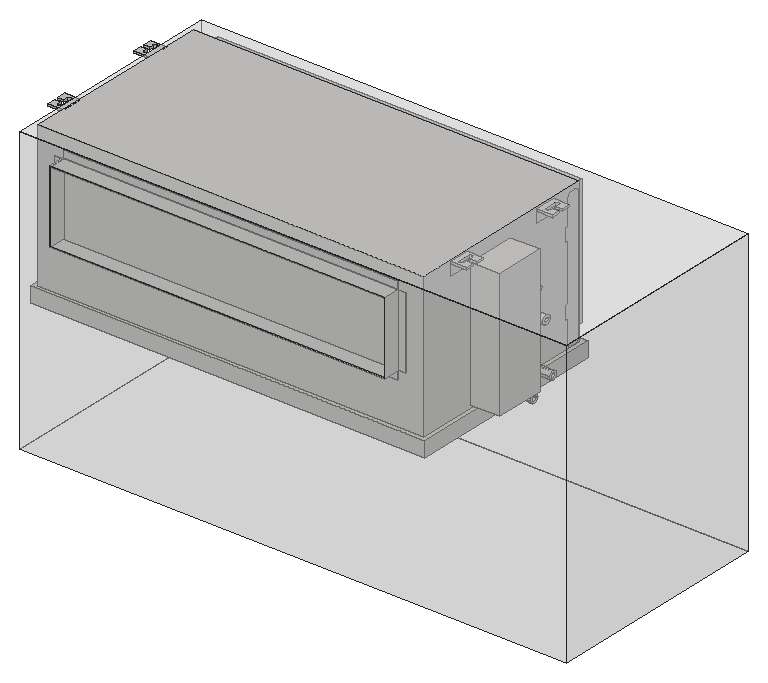
Revit family "outputfile", category 機械設備, Revit 2024
Family settings
  丸型コネクタ寸法 = 半径を使用
  パーツ タイプ = 標準
  OmniClass 番号 = 23.75.10.24.21.27.27
  OmniClass タイトル = Split System Air Conditioning Units
  作業面ベース = いいえ
  常に垂直 = はい
  ロード時にボイドで切り取り = いいえ
  注釈の向きを維持 = いいえ
  共有 = いいえ
  部屋計算ポイント = はい
Parameters (values of type "FDMRN71AXVL")
  Description = ""
  書き出し IFC クラス(タイプ) = "IfcUnitaryEquipmentType"
  定義済み IFC タイプ(タイプ) = "AIRCONDITIONINGUNIT"
  Cost = 0
  Type Comments = ""
  Keynote = ""
  Type Image = (empty or 0)
  Assembly Code = ""
  switch_unit1_50/60 = no
  switch_frequency = yes
  lw_mountinghole = 19.5 mm  # constant formula
  lw_Supply Duct = if(or(Width = 1115 mm, Width = 999 mm), 0 mm, 20.5 mm)  # 0 mm
  lh_controlbox = if(or(Width = 1115 mm, Width = 999 mm), 44.5 mm, 39 mm)  # 44.5 mm
  lh_Supply Duct = if(or(Width = 1115 mm, Width = 999 mm), 242.5 mm, 136.5 mm)  # 242.5 mm
  lh_Return Duct = if(or(Width = 1115 mm, Width = 999 mm), 202.5 mm, 136.5 mm)  # 202.5 mm
  ld_mountinghole = if(or(Width = 1115 mm, Width = 999 mm), 128.5 mm, 112.5 mm)  # 128.5 mm
  ld_controlbox = if(or(Width = 1115 mm, Width = 999 mm), 176 mm, 93 mm)  # 176 mm
  l_powersupply = h_controlbox / 2  # 152 mm
  l_liquidpipe = if(or(Width = 1115 mm, Width = 999 mm), 22 mm, 122 mm)  # 22 mm
  l_gaspipe = if(or(Width = 1115 mm, Width = 999 mm), 39 mm, 52 mm)  # 39 mm
  l_drainpipe = if(or(Width = 1115 mm, Width = 999 mm), 39 mm, 85 mm)  # 39 mm
  w_controlbox = if(or(Width = 1115 mm, Width = 999 mm), 71 mm, 72 mm)  # 71 mm
  l_Supply Duct = if(or(Width = 1115 mm, Width = 999 mm), 39 mm, 30 mm)  # 39 mm
  l_Return Duct = if(or(Width = 1115 mm, Width = 999 mm), 40 mm, 30 mm)  # 40 mm
  h_controlbox = if(or(Width = 1115 mm, Width = 999 mm), 304 mm, 185 mm)  # 304 mm
  d2 = if(or(Width = 1115 mm, Width = 999 mm), 240.5 mm, 175.5 mm)  # 240.5 mm
  connector_voltage = 230 V
  connector_powerinput = [Power Input (Cooling)]  # 3.300 kW
  connector_phase = 1
  d_controlbox = if(or(Width = 1115 mm, Width = 999 mm), 119.5 mm, 168 mm)  # 119.5 mm
  W2 = if(Width = 1115 mm, 1055 mm, if(Width = 999 mm, 939 mm, if(Width = 1200 mm, 1200 mm, 1065 mm)))  # 939 mm
  W1 = if(Width = 1115 mm, 516.5 mm, if(Width = 999 mm, 458.5 mm, if(Width = 1200 mm, 589 mm, 521.5 mm)))  # 458.5 mm
  W = if(Width = 1115 mm, 527.5 mm, if(Width = 999 mm, 469.5 mm, if(Width = 1200 mm, 600 mm, 532.5 mm)))  # 469.5 mm
  Voltage_comment_60Hz = "220"
  Voltage_60Hz = 220 V
  URL = ""
  Supply Air Direction [instance] = yes
  製造元 = "Daikin"
  モデル = "FDMRN71AXVL"
  r_Liquid Pipe Size = Liquid Pipe Size / 2  # 4.75 mm
  r_Gas Pipe Size = Gas Pipe Size / 2  # 7.95 mm
  r_Drain Pipe Size = Drain Pipe Size / 2  # 9.5 mm
  lw_powersupply = if(or(Width = 1115 mm, Width = 999 mm), C - W1 + 40 mm, C - W1 + 39 mm)  # 498.5 mm
  lw_Return Duct = if(or(Width = 1115 mm, Width = 999 mm), 0 mm, 20.5 mm)  # 0 mm
  ld_powersupply = if(or(Width = 1115 mm, Width = 999 mm), 73 mm, 46.5 mm)  # 73 mm
  Sound Power Level_H speed (dB) = 0
  Phase_60Hz = 1
  Minimum External Static Pressure = 0.00 Pa
  Minimum Circuit Amps_60Hz = 0.0 A
  Maximum Fuse Amps_60Hz = 0.0 A
  Maximum External Static Pressure = 0.00 Pa
  Material_Casing = DAIKIN_GalvanizedSteel_Casing_indoorunit
  lw_liquidpipe = C - W1 + l_liquidpipe  # 480.5 mm
  lw_gaspipe = C - W1 + l_gaspipe  # 497.5 mm
  lw_mountinghole_pitch = if(Width = 1115 mm, 1072 mm, if(Width = 999 mm, 956 mm, if(Width = 1200 mm, 1176 mm, 1041 mm)))  # 956 mm
  lw_drainpipe = C - W1 + l_drainpipe  # 497.5 mm
  lh_powersupply = lh_controlbox + h_controlbox / 2  # 196.5 mm
  lh_liquidpipe = if(or(Width = 1115 mm, Width = 999 mm), 220 mm, 87 mm)  # 220 mm
  lh_gaspipe = if(or(Width = 1115 mm, Width = 999 mm), 160 mm, 161 mm)  # 160 mm
  lh_mountinghole = if(or(Width = 1115 mm, Width = 999 mm), 376 mm, 261 mm)  # 376 mm
  lh_drainpipe = if(or(Width = 1115 mm, Width = 999 mm), 33 mm, 43.5 mm)  # 33 mm
  l_antena = Height + 1 mm - lh_mountinghole  # 3 mm
  ld_liquidpipe = if(or(Width = 1115 mm, Width = 999 mm), 85 mm, 121 mm)  # 85 mm
  ld_gaspipe = if(or(Width = 1115 mm, Width = 999 mm), 85 mm, 121 mm)  # 85 mm
  ld_mountinghole_pitch = if(or(Width = 1115 mm, Width = 999 mm), 256 mm, 225 mm)  # 256 mm
  ld_drainpipe = if(or(Width = 1115 mm, Width = 999 mm), 105 mm, 117.005 mm)  # 105 mm
  h*** = 0 mm  # constant formula
  Width = 999 mm
  Version = "ver.1.0"
  Unit Type = "Duct"
  Unit Mass Weight = 42.00 kg
  Unit Designation [instance] = ""
  Uniclass2015Version = "Products v1.30"
  Uniclass2015Title = "Split coil room air conditioning units"
  Uniclass2015Code = "Pr_70_65_03_86"
  Total Cooling Capacity [instance] = 0.000 kW
  Sound Pressure Level_M speed (dBA) = 45
  Sound Pressure Level_L speed (dBA) = 42
  Sound Pressure Level_H speed (dBA) = 47
  Series = "SkyAir_Fan Coil Unit"
  Sensible Cooling Capacity [instance] = 0.000 kW
  SA Duct Size Width = 797 mm
  SA Duct Size Height = 173 mm
  Refrigerant Type = "R410A"
  RA Duct Size Width = 866 mm
  RA Duct Size Height = 306 mm
  Power Input (Cooling) = 3.300 kW
  Option Accessory 3 [instance] = ""
  Option Accessory 2 [instance] = ""
  Option Accessory 1 [instance] = ""
  Nominal Cooling Capacity = 8.500 kW
  Minimum Airflow = 1087.00 m³/h
  Median Airflow = 1410.00 m³/h
  Maximum Airflow = 1529.00 m³/h
  Load Classification = HVAC
  Liquid Pipe Size = 9.5 mm
  Link_Nested Family [instance] = ""
  Liquid Pipe_r1 = if(or(Width = 1115 mm, Width = 999 mm), 4.675 mm, 3.175 mm)  # 4.675 mm
  Liquid Pipe_r = if(or(Width = 1115 mm, Width = 999 mm), 6.5 mm, 5 mm)  # 6.5 mm
  J = if(or(Width = 1115 mm, Width = 999 mm), 462 mm, 351 mm)  # 462 mm
  IfcVersion = ""
  IfcExportType = "AIRCONDITIONINGUNIT"
  IfcExportAs = "IfcUnitaryEquipmentType"
  Height = 378 mm
  Heat Exchanger Type = "Cross Fin Coil"
  Gas Pipe Size = 15.9 mm
  Frequency_60Hz = 60 Hz
  Fan Type = "Sirocco Fan"
  Fan Drive = "-"
  FCU Tag No. [instance] = ""
  Drain Pipe Size = 19.0 mm
  Design Supply Airflow [instance] = 0.00 m³/h
  Design Return Airflow [instance] = 0.00 m³/h
  Design External Static Pressure [instance] = 0.00 Pa
  Depth = 541 mm
  既定の高さ = 0 mm
  d1 = if(or(Width = 1115 mm, Width = 999 mm), 231.5 mm, 175.5 mm)  # 231.5 mm
  D2 = if(or(Width = 1115 mm, Width = 999 mm), 484 mm, 351 mm)  # 484 mm
  Cooling Entering Wet Bulb Temperature [instance] = 0.00 °C
  Cooling Entering Dry Bulb Temperature [instance] = 0.00 °C
  Cooling Ambient Wet Bulb Temperature [instance] = 0.00 °C
  Cooling Ambient Dry Bulb Temperature [instance] = 0.00 °C
  Clearance visibility [instance] = yes
  Clearance Top = 0 mm
  Clearance Right = 300 mm
  Clearance Rear = 0 mm
  Clearance Left = 0 mm
  Clearance Front = 0 mm
  Clearance Bottom = 300 mm
  C = if(Width = 1115 mm, 1033 mm, if(Width = 999 mm, 917 mm, if(Width = 1200 mm, 1137 mm, 1002 mm)))  # 917 mm
  A = if(or(Width = 1115 mm, Width = 999 mm), 36 mm, 31 mm)  # 36 mm
  switch_unit2_71/100 = not([switch_unit1_50/60])  # yes
Reference planes
  plane 1 "Center (Front/Back)": y = 0
  plane 2: z = 0
  plane 3 "Center (Left/Right)": x = 0
  plane 4 "Back": y = 270.5
  plane 5 "Front": y = -270.5
  plane 6 "Left": x = -469.5
  plane 7 "Right": x = 529.5
  plane 8 "Top": z = 0
  plane 9 "Bottom": z = -378
  plane 10 "lh_liquidpipe": z = -158
  plane 11 "lh_gaspipe": z = -218
  plane 12 "lw_mountinghole": x = -478
  plane 13 "lw_mountinghole3": x = 478
  plane 14 "lw_liquidpipe": x = 480.5
  plane 15 "lw_gaspipe": x = 497.5
  plane 16 "lh_mountinghole": z = -2
  plane 17 "Clearance Left": x = -469.5
  plane 18 "Clearance Right": x = 829.5
  plane 19 "Clearance Rear": y = 270.5
  plane 20 "Clearance Front": y = -270.5
  plane 21 "Clearance Bottom": z = -678
  plane 22 "lh_drainpipe": z = -345
  plane 23 "ld_gaspipe": y = 85
  plane 24 "ld_liquidpipe": y = 85
  plane 25 "ld_drainpipe": y = 105
  plane 26 "lw_drainpipe": x = 497.5
  plane 27 "ld_mountinghole1": y = 127.5
  plane 28 "ld_mountinghole": y = -128.5
  plane 29 "Clearance Top": z = 0
  plane 30 "lh_powersupply": z = -181.5
  plane 31 "ld_powersupply": y = -73
  plane 32 "箱_L": x = -458.5
  plane 33 "箱_R": x = 458.5
  plane 34 "箱_F": y = -231.5
  plane 35 "箱_後": y = 230.5
  plane 36 "A": z = -342
  plane 37: x = 469.5
  plane 38: y = -240.5
  plane 39: y = 243.5
  plane 40: y = 25
  plane 41: y = -94.5
  plane 42 "lh_box": z = -333.5
  plane 43 "lh_box1": z = -29.5
  plane 44 "l-box": x = 529.5
  plane 45 "lw_Supply Duct": x = 0
  plane 46 "lw_Return Duct": x = 0
  plane 47 "lh_Supply Duct": z = -135.5
  plane 48 "lh_Return Duct": z = -175.5
  plane 49 "lw_powersupply": x = 498.5
Forms (mm)
  Extrusion 1, solid, material "DAIKIN_GalvanizedSteel_Casing_indoorunit" <- "Material_Casing"
    sketch origin (0, 0, -342) x (-1, 0, 0) y (0, -1, 0)
      loop
        line (458.5, -230.5) -> (458.5, 231.5) -> (-458.5, 231.5) -> (-458.5, -230.5) -> (458.5, -230.5)
    from 0 to 342
  Extrusion 2, solid, material "DAIKIN_GalvanizedSteel_Casing_indoorunit" <- "Material_Casing"
    sketch origin (0, 0, -378) x (-1, 0, 0) y (0, -1, 0)
      loop
        line (469.5, -243.5) -> (469.5, 240.5) -> (-469.5, 240.5) -> (-469.5, -243.5) -> (469.5, -243.5)
    from 0 to 36
  Extrusion 3, solid, material "DAIKIN_GalvanizedSteel_Casing_indoorunit" <- "Material_Casing"
    sketch origin (0, 0, -333.5) x (-1, 0, 0) y (0, -1, 0)
      loop
        line (-458.5, -25) -> (-458.5, 94.5) -> (-529.5, 94.5) -> (-529.5, -25) -> (-458.5, -25)
    from 0 to 304
  Extrusion 4, solid, material "DAIKIN_GalvanizedSteel_Casing_indoorunit"
    sketch origin (458.5, 1296.25, 1200) x (0, 1, 0) y (0, 0, 1)
      loop
        circle (-1191.25, -1545) r 9.5
      loop
        circle (-1191.25, -1545) r 6.5
    from 0 to 39 <- "l_drainpipe"
  Extrusion 5, solid, material "DAIKIN_GalvanizedSteel_Casing_indoorunit" <- "Material_Casing"
    sketch origin (458.5, 1296.25, 1200) x (0, 1, 0) y (0, 0, 1)
      loop
        circle (-1211.25, -1418) r 9.95
      loop
        circle (-1211.25, -1418) r 6.35
    from 0 to 39 <- "l_gaspipe"
  Extrusion 6, solid, material "DAIKIN_GalvanizedSteel_Casing_indoorunit" <- "Material_Casing"
    sketch origin (458.5, 1296.25, 1200) x (0, 1, 0) y (0, 0, 1)
      loop
        circle (-1211.25, -1358) r 6.5
      loop
        circle (-1211.25, -1358) r 4.675
    from 0 to 22 <- "l_liquidpipe"
  Extrusion 7, solid, material "DAIKIN_GalvanizedSteel_Casing_indoorunit" <- "Material_Casing", visible <- "switch_unit2_71/100"
    sketch origin (458.5, 1296.25, 1200) x (0, 1, 0) y (0, 0, 1)
      loop
        arc (-1231.25, -1418) -> (-1211.25, -1438) -> (-1191.25, -1418) r 20
        line (-1191.25, -1418) -> (-1191.25, -1358)
        arc (-1191.25, -1358) -> (-1211.25, -1338) -> (-1231.25, -1358) r 20
        line (-1231.25, -1358) -> (-1231.25, -1418)
    from 0 to 0.8
  Extrusion 8, solid, material "DAIKIN_GalvanizedSteel_Casing_indoorunit" <- "Material_Casing", visible <- "switch_unit1_50/60"
    sketch origin (458.5, 1296.25, 1200) x (0, 1, 0) y (0, 0, 1)
      loop
        line (-1158.75, -1356) -> (-1168.75, -1366) -> (-1168.75, -1547) -> (-1133.75, -1547) -> (-1133.75, -1534.5)
        arc (-1133.75, -1534.5) -> (-1124.25, -1525) -> (-1114.75, -1534.5) r 9.5
        line (-1114.75, -1534.5) -> (-1114.75, -1547) -> (-1073.75, -1547) -> (-1073.75, -1366) -> (-1083.75, -1356) -> (-1158.75, -1356)
    from 0 to 7
  Extrusion 9, solid, material "DAIKIN_GalvanizedSteel_Casing_indoorunit" <- "Material_Casing", visible <- "switch_unit2_71/100"
    sketch origin (458.5, 1296.25, 1200) x (0, 1, 0) y (0, 0, 1)
      loop
        arc (-1089.75, -1211.5) -> (-1096.822, -1214.429) -> (-1099.75, -1221.5) r 10
        line (-1099.75, -1221.5) -> (-1099.75, -1281.5) -> (-1106.75, -1281.5) -> (-1106.75, -1311.5) -> (-1099.75, -1311.5) -> (-1099.75, -1446.5) -> (-1106.75, -1446.5) -> (-1106.75, -1476.5) -> (-1099.75, -1476.5) -> (-1099.75, -1530.5)
        arc (-1099.75, -1530.5) -> (-1096.822, -1537.571) -> (-1089.75, -1540.5) r 10
        line (-1089.75, -1540.5) -> (-1079.75, -1540.5)
        arc (-1079.75, -1540.5) -> (-1072.679, -1537.571) -> (-1069.75, -1530.5) r 10
        line (-1069.75, -1530.5) -> (-1069.75, -1221.5)
        arc (-1069.75, -1221.5) -> (-1072.679, -1214.429) -> (-1079.75, -1211.5) r 10
        line (-1079.75, -1211.5) -> (-1089.75, -1211.5)
    from 0 to 0.8
  Extrusion 10, solid, material "DAIKIN_GalvanizedSteel_Casing_indoorunit" <- "Material_Casing", visible <- "switch_unit1_50/60"
    sketch origin (469.5, 243.5, -378) x (0, -1, 0) y (0, 0, -1)
      loop
        circle (127.496, -11) r 9.5
      loop
        circle (127.496, -11) r 6.5
    from 0 to 37
  Extrusion 11, solid, material "DAIKIN_GalvanizedSteel_Casing_indoorunit" <- "Material_Casing", visible <- "switch_unit2_71/100"
    sketch origin (469.5, 243.5, -378) x (0, -1, 0) y (0, 0, -1)
      loop
        circle (198.5, -11) r 9.5
      loop
        circle (198.5, -11) r 6.5
    from 0 to 31
Dimensions and locks
  "Height": plane 8 "Top" to plane 9 "Bottom"
  "lw_mountinghole_pitch": plane 12 "lw_mountinghole" to plane 13 "lw_mountinghole3"
  "lh_liquidpipe": plane 10 "lh_liquidpipe" to plane 9 "Bottom"
  "lh_gaspipe": plane 11 "lh_gaspipe" to plane 9 "Bottom"
  "lh_mountinghole": plane 16 "lh_mountinghole" to plane 9 "Bottom"
  "Width": plane 6 "Left" to plane 7 "Right"
  "Clearance Right": plane 7 "Right" to plane 18 "Clearance Right"
  "Clearance Left": plane 17 "Clearance Left" to plane 6 "Left"
  "Clearance Rear": plane 19 "Clearance Rear" to plane 4 "Back"
  "Clearance Front": plane 5 "Front" to plane 20 "Clearance Front"
  "Depth": plane 4 "Back" to plane 5 "Front"
  equal spacing: plane 4 "Back", plane 1 "Center (Front/Back)", plane 5 "Front"
  "ld_mountinghole_pitch": plane 27 "ld_mountinghole1" to plane 28 "ld_mountinghole"
  "lw_liquidpipe": plane 3 "Center (Left/Right)" to plane 14 "lw_liquidpipe"
  "lw_gaspipe": plane 3 "Center (Left/Right)" to plane 15 "lw_gaspipe"
  "lw_drainpipe": plane 3 "Center (Left/Right)" to plane 26 "lw_drainpipe"
  "lh_drainpipe": plane 22 "lh_drainpipe" to plane 9 "Bottom"
  "Clearance Top": plane 29 "Clearance Top" to plane 8 "Top"
  "Clearance Bottom": plane 9 "Bottom" to plane 21 "Clearance Bottom"
  "lh_powersupply": plane 30 "lh_powersupply" to plane 9 "Bottom"
  "lw_mountinghole": plane 12 "lw_mountinghole" to plane 32 "箱_L"
  "W": plane 6 "Left" to plane 3 "Center (Left/Right)"
  "W1": plane 32 "箱_L" to plane 3 "Center (Left/Right)"
  "C": plane 32 "箱_L" to plane 33 "箱_R"
  "d1": plane 34 "箱_F" to plane 1 "Center (Front/Back)"
  "J": plane 35 "箱_後" to plane 34 "箱_F"
  "A": plane 36 "A" to plane 9 "Bottom"
  "D2": plane 39 to plane 38
  "W2": plane 6 "Left" to plane 37
  "d2": plane 1 "Center (Front/Back)" to plane 38
  "d_controlbox": plane 40 to plane 41
  "ld_controlbox": plane 41 to plane 5 "Front"
  "h_controlbox": plane 43 "lh_box1" to plane 42 "lh_box"
  "lh_controlbox": plane 42 "lh_box" to plane 9 "Bottom"
  "ld_drainpipe": plane 25 "ld_drainpipe" to plane 1 "Center (Front/Back)"
  "ld_gaspipe": plane 23 "ld_gaspipe" to plane 1 "Center (Front/Back)"
  "ld_liquidpipe": plane 1 "Center (Front/Back)" to plane 24 "ld_liquidpipe"
  plane 1 "Center (Front/Back)" to Extrusion 7 sketch curve to Extrusion 7 sketch curve = 65 mm locked, 40 mm locked
  Extrusion 7 sketch curve to Extrusion 7 sketch curve to plane 9 "Bottom" = 60 mm locked, 160 mm locked
  locked: Extrusion 8 sketch curve to plane 35 "箱_後" at 8
  locked: Extrusion 8 sketch curve to Extrusion 8 sketch curve at 95
  locked: Extrusion 8 sketch curve to Extrusion 8 sketch curve at 191
  locked: Extrusion 8 sketch curve to Extrusion 8 sketch curve at 10  (x4)
  locked: Extrusion 8 sketch curve to Extrusion 8 sketch curve at 19
  locked: Extrusion 8 sketch curve to plane 9 "Bottom" at 31
  locked: Extrusion 8 sketch curve to plane 9 "Bottom" at 43.5
  locked: Extrusion 8 sketch curve to Extrusion 8 sketch curve at 50.5
  locked: Extrusion 9 sketch curve to Extrusion 9 sketch curve at 30  (x2)
  locked: Extrusion 9 sketch curve to Extrusion 9 sketch curve at 64
  locked: Extrusion 9 sketch curve to Extrusion 9 sketch curve at 70
  locked: Extrusion 9 sketch curve to Extrusion 9 sketch curve at 329
  Extrusion 9 sketch curve to Extrusion 9 sketch curve to Extrusion 9 sketch curve = 7 mm locked, 30 mm locked
  locked: Extrusion 9 sketch curve to plane 35 "箱_後" at 4
  locked: Extrusion 9 sketch curve to plane 9 "Bottom" at 37.5
  "w_controlbox": plane 33 "箱_R" to plane 44 "l-box"
  "h***": plane 8 "Top" to plane 2
  "ld_mountinghole": plane 28 "ld_mountinghole" to plane 1 "Center (Front/Back)"
  "lw_Supply Duct": plane 46 "lw_Return Duct" to plane 3 "Center (Left/Right)"
  "lw_Return Duct": plane 45 "lw_Supply Duct" to plane 3 "Center (Left/Right)"
  "lh_Supply Duct": plane 47 "lh_Supply Duct" to plane 9 "Bottom"
  "lh_Return Duct": plane 48 "lh_Return Duct" to plane 9 "Bottom"
  "ld_powersupply": plane 1 "Center (Front/Back)" to plane 31 "ld_powersupply"
  locked: Extrusion 10 sketch curve to plane 9 "Bottom" at 11  (x2)
  locked: plane 1 "Center (Front/Back)" to Extrusion 10 sketch curve at 116.004  (x2)
  locked: plane 1 "Center (Front/Back)" to Extrusion 11 sketch curve at 45  (x2)
  locked: Extrusion 11 sketch curve to plane 9 "Bottom" at 11  (x2)
  "lw_powersupply": plane 3 "Center (Left/Right)" to plane 49 "lw_powersupply"
  "Liquid Pipe_r": radius of Extrusion 6 sketch curve
  "Liquid Pipe_r1": radius of Extrusion 6 sketch curve
  radius of Extrusion 9 sketch curve = 10 mm  (x4)
  aligned and locked: level to plane 2
  aligned and locked: plane 19 "Clearance Rear" to nested 1
  aligned and locked: plane 18 "Clearance Right" to nested 1
  aligned and locked: plane 17 "Clearance Left" to nested 1
  aligned and locked: nested 1 to plane 20 "Clearance Front"
  aligned and locked: plane 29 "Clearance Top" to nested 1
  aligned and locked: nested 1 to plane 21 "Clearance Bottom"
  aligned and locked: plane 32 "箱_L" to Extrusion 1 sketch curve
  aligned and locked: Extrusion 1 sketch curve to plane 33 "箱_R"
  aligned and locked: plane 34 "箱_F" to Extrusion 1 sketch curve
  aligned and locked: Extrusion 1 sketch curve to plane 35 "箱_後"
  aligned and locked: Extrusion 1 to plane 36 "A"
  aligned and locked: plane 8 "Top" to Extrusion 1
  aligned and locked: plane 6 "Left" to Extrusion 2 sketch curve
  aligned and locked: Extrusion 2 sketch curve to plane 37
  aligned and locked: Extrusion 2 sketch curve to plane 39
  aligned and locked: plane 38 to Extrusion 2 sketch curve
  aligned and locked: Extrusion 2 to plane 9 "Bottom"
  aligned and locked: plane 36 "A" to Extrusion 2
  aligned and locked: plane 12 "lw_mountinghole" to nested 3
  aligned and locked: plane 12 "lw_mountinghole" to nested 2
  aligned and locked: nested 4 to plane 13 "lw_mountinghole3"
  aligned and locked: nested 5 to plane 13 "lw_mountinghole3"
  aligned and locked: plane 27 "ld_mountinghole1" to nested 5
  aligned and locked: nested 2 to plane 27 "ld_mountinghole1"
  aligned and locked: plane 28 "ld_mountinghole" to nested 4
  aligned and locked: nested 3 to plane 28 "ld_mountinghole"
  aligned and locked: plane 33 "箱_R" to Extrusion 3 sketch curve
  aligned and locked: plane 41 to Extrusion 3 sketch curve
  aligned and locked: Extrusion 3 sketch curve to plane 40
  aligned and locked: Extrusion 3 to plane 42 "lh_box"
  aligned and locked: plane 43 "lh_box1" to Extrusion 3
  aligned and locked: plane 16 "lh_mountinghole" to nested 4
  aligned and locked: plane 16 "lh_mountinghole" to nested 5
  aligned and locked: plane 16 "lh_mountinghole" to nested 3
  aligned and locked: plane 16 "lh_mountinghole" to nested 2
  aligned and locked: plane 22 "lh_drainpipe" to Extrusion 4 sketch curve  (x2)
  aligned and locked: Extrusion 4 sketch curve to plane 25 "ld_drainpipe"  (x2)
  aligned and locked: Extrusion 5 sketch curve to plane 11 "lh_gaspipe"  (x2)
  aligned and locked: Extrusion 5 sketch curve to plane 23 "ld_gaspipe"  (x2)
  aligned and locked: Extrusion 5 to plane 33 "箱_R"
  aligned and locked: Extrusion 6 sketch curve to plane 10 "lh_liquidpipe"  (x2)
  aligned and locked: Extrusion 6 sketch curve to plane 24 "ld_liquidpipe"  (x2)
  aligned and locked: Extrusion 8 sketch curve to Extrusion 8 sketch curve
  aligned and locked: plane 3 "Center (Left/Right)" to nested 6
  aligned and locked: nested 6 to plane 34 "箱_F"
  aligned and locked: plane 9 "Bottom" to nested 6
  aligned and locked: plane 3 "Center (Left/Right)" to nested 7
  aligned and locked: nested 7 to plane 35 "箱_後"
  aligned and locked: plane 9 "Bottom" to nested 7
  aligned and locked: Extrusion 9 sketch curve to Extrusion 9 sketch curve  (x3)
  aligned and locked: Extrusion 3 sketch curve to plane 44 "l-box"
  aligned and locked: nested 8 to plane 34 "箱_F"
  aligned and locked: plane 45 "lw_Supply Duct" to nested 8
  aligned and locked: plane 47 "lh_Supply Duct" to nested 8
  aligned and locked: plane 35 "箱_後" to nested 9
  aligned and locked: nested 9 to plane 46 "lw_Return Duct"
  aligned and locked: plane 24 "ld_liquidpipe" to nested 10
  aligned and locked: plane 3 "Center (Left/Right)" to nested 10
  aligned and locked: plane 3 "Center (Left/Right)" to nested 11
  aligned and locked: plane 23 "ld_gaspipe" to nested 11
  aligned and locked: plane 3 "Center (Left/Right)" to nested 12
  aligned and locked: plane 25 "ld_drainpipe" to nested 12
  aligned and locked: nested 13 to plane 28 "ld_mountinghole"
  aligned and locked: nested 14 to plane 28 "ld_mountinghole"
  aligned and locked: nested 16 to plane 27 "ld_mountinghole1"
  aligned and locked: nested 15 to plane 27 "ld_mountinghole1"
  aligned and locked: plane 12 "lw_mountinghole" to nested 13
  aligned and locked: plane 12 "lw_mountinghole" to nested 15
  aligned and locked: plane 13 "lw_mountinghole3" to nested 14
  aligned and locked: plane 13 "lw_mountinghole3" to nested 16
  aligned and locked: plane 3 "Center (Left/Right)" to nested 17
  aligned and locked: nested 18 to plane 31 "ld_powersupply"
  aligned and locked: plane 49 "lw_powersupply" to nested 18
Automatic sketch dimensions
  radius of Extrusion 5 sketch curve = 9.95 mm
  radius of Extrusion 5 sketch curve = 6.35 mm
  radius of Extrusion 4 sketch curve = 9.5 mm
  radius of Extrusion 4 sketch curve = 6.5 mm
  radius of Extrusion 10 sketch curve = 9.5 mm
  radius of Extrusion 10 sketch curve = 6.5 mm
  radius of Extrusion 11 sketch curve = 9.5 mm
  radius of Extrusion 11 sketch curve = 6.5 mm
Nested families
  nested 1: "daikin_clearancespace" at (180, 0, -338.881), visible <- "Clearance visibility", show <- "Clearance visibility", Link_Nested Family <- "Link_Nested Family", type "daikin_clearancespace"
    with width 1299 mm, show yes, height 678 mm, depth 541 mm, Link_Nested Family ""
  nested 2: "daikin_hangerfixture_FDMRN-AXVL" at (-478, 127.5, -2), type "daikin_hangerfixture_FDMRN-AXVL"
    with width 999 mm
  nested 3: "daikin_hangerfixture_FDMRN-AXVL" at (-478, -128.5, -2), type "daikin_hangerfixture_FDMRN-AXVL"
    with width 999 mm
  nested 4: "daikin_hangerfixture_FDMRN-AXVL" at (478, -128.5, -2) x (-1, 0, 0) z (0, 0, 1), type "daikin_hangerfixture_FDMRN-AXVL"
    with width 999 mm
  nested 5: "daikin_hangerfixture_FDMRN-AXVL" at (478, 127.5, -2) x (-1, 0, 0) z (0, 0, 1), type "daikin_hangerfixture_FDMRN-AXVL"
    with width 999 mm
  nested 6: "daikin_Supply Ductflange_FDMRN-AXVL" at (0, -231.5, -567.401), material <- "Material_Casing", type "daikin_Supply Ductflange_FDMRN-AXVL"
    with material DAIKIN_GalvanizedSteel_Casing_indoorunit, W1 458.5 mm, C 917 mm, 71/100 yes, 50/60 no
  nested 7: "daikin_Return Ductflange_FDMRN-AXVL" at (0, 230.5, -567.401), material <- "Material_Casing", type "daikin_Return Ductflange_FDMRN-AXVL"
    with material DAIKIN_GalvanizedSteel_Casing_indoorunit, W1 458.5 mm, C 917 mm, 71/100 yes, 50/60 no
  nested 8: "daikin_connector_rotate2" at (0, -231.5, -135.5), length <- "l_Supply Duct", type "daikin_connector_rotate2"
    with radius 10 mm, length 39 mm, angle_vertical 90.00°, show_face no
  nested 9: "daikin_connector_rotate2" at (0, 230.5, -175.5) x (-1, 0, 0) z (0, 0, 1), length <- "l_Return Duct", type "daikin_connector_rotate2"
    with radius 10 mm, length 40 mm, angle_vertical 90.00°, show_face no
  nested 10: "daikin_connector_rotate2" at (0, 85, -158) x (0, 1, 0) z (0, 0, 1), radius <- "r_Liquid Pipe Size", length <- "lw_liquidpipe", type "daikin_connector_rotate2"
    with radius 4.75 mm, length 480.5 mm, angle_vertical 90.00°, show_face no
  nested 11: "daikin_connector_rotate2" at (0, 85, -218) x (0, 1, 0) z (0, 0, 1), length <- "lw_gaspipe", radius <- "r_Gas Pipe Size", type "daikin_connector_rotate2"
    with radius 7.95 mm, length 497.5 mm, angle_vertical 90.00°, show_face no
  nested 12: "daikin_connector_rotate2" at (0, 105, -345) x (0, 1, 0) z (0, 0, 1), length <- "lw_drainpipe", radius <- "r_Drain Pipe Size", type "daikin_connector_rotate2"
    with radius 9.5 mm, length 497.5 mm, angle_vertical 90.00°, show_face no
  nested 13: "daikin_mountinghole" at (-478, -128.5, -378), Link_Nested Family <- "Link_Nested Family", h_mountinghole <- "lh_mountinghole", l_antenna <- "l_antena", type "daikin_mountinghole"
    with show yes, l_antenna 3 mm, h_mountinghole 376 mm, Link_Nested Family ""
  nested 14: "daikin_mountinghole" at (478, -128.5, -378), Link_Nested Family <- "Link_Nested Family", h_mountinghole <- "lh_mountinghole", l_antenna <- "l_antena", type "daikin_mountinghole"
    with show yes, l_antenna 3 mm, h_mountinghole 376 mm, Link_Nested Family ""
  nested 15: "daikin_mountinghole" at (-478, 127.5, -378), Link_Nested Family <- "Link_Nested Family", h_mountinghole <- "lh_mountinghole", l_antenna <- "l_antena", type "daikin_mountinghole"
    with show yes, l_antenna 3 mm, h_mountinghole 376 mm, Link_Nested Family ""
  nested 16: "daikin_mountinghole" at (478, 127.5, -378), Link_Nested Family <- "Link_Nested Family", h_mountinghole <- "lh_mountinghole", l_antenna <- "l_antena", type "daikin_mountinghole"
    with show yes, l_antenna 3 mm, h_mountinghole 376 mm, Link_Nested Family ""
  nested 17: "daikin_△_symbolicline" at (0, 0, 378) x (-1, 0, 0) z (0, 0, 1), built-in parameter 1001364 <- "Height", visible <- "Supply Air Direction", type "daikin_△_symbolicline"
    with length 150 mm
  nested 18: "daikin_connector_rotate2" at (498.5, -73, -181.5), length <- "l_powersupply", type "daikin_connector_rotate2"
    with radius 10 mm, length 152 mm, angle_vertical 180.00°, show_face no
Connectors
  hvac at (0, -270.5, -135.5), driven by "SA Duct Size Height", driven by "SA Duct Size Width"
    settings: on nested 8, index 1, duct flow 0.00 m³/h, flow factor 0, pres drop 0.00 Pa, loss coef 0, conn angle 0.00°, conn width 797.0 mm, conn height 173.0 mm, conn diameter 609.6 mm, duct sys type 1, conn prof type 1, flow config 0, flow direction 2, loss method 4, conn ref index -1, conn util no, is conn primary yes, conn desc "SA Duct"
  hvac at (0, 270.5, -175.5), driven by "RA Duct Size Height", driven by "RA Duct Size Width"
    settings: on nested 9, index 2, duct flow 0.00 m³/h, flow factor 0, pres drop 0.00 Pa, loss coef 0, conn angle 0.00°, conn width 866.0 mm, conn height 306.0 mm, conn diameter 609.6 mm, duct sys type 2, conn prof type 1, flow config 0, flow direction 1, loss method 4, conn ref index -1, conn util no, is conn primary no, conn desc "RA Duct"
  piping at (480.5, 85, -158), diameter 9.5, driven by "r_Liquid Pipe Size"
    settings: on Extrusion 6, index 3, connector inside diameter 609.6 mm, connector length 0 mm, flow factor 0, pipe flow 0.00 m³/h, pressure drop 0.0 Pa, fitting loss kfactor 0, connector angle 0.00°, fixture units 0, engagement length 0 mm, angle of deflection 0.00°, flow configuration 1, flow direction 1, fitting loss method 0, system type 29, joint type 0, gender type 0, connector reference index -1, connector utility 0, adjustable connector no, is connector primary yes, connector description "Refrigerant Liquid Piping"
  piping at (497.5, 85, -218), diameter 15.9, driven by "r_Gas Pipe Size"
    settings: on nested 11, index 4, connector inside diameter 609.6 mm, connector length 0 mm, flow factor 0, pipe flow 0.00 m³/h, pressure drop 0.0 Pa, fitting loss kfactor 0, connector angle 0.00°, fixture units 0, engagement length 0 mm, angle of deflection 0.00°, flow configuration 1, flow direction 2, fitting loss method 0, system type 29, joint type 0, gender type 0, connector reference index -1, connector utility 0, adjustable connector no, is connector primary no, connector description "Refrigerant Gas Piping"
  piping at (497.5, 105, -345), diameter 19, driven by "r_Drain Pipe Size"
    settings: on nested 12, index 5, connector inside diameter 609.6 mm, connector length 0 mm, flow factor 0, pipe flow 0.00 m³/h, pressure drop 0.0 Pa, fitting loss kfactor 0, connector angle 0.00°, fixture units 0, engagement length 0 mm, angle of deflection 0.00°, flow configuration 1, flow direction 2, fitting loss method 4, system type 16, joint type 0, gender type 0, connector reference index -1, connector utility 0, adjustable connector no, is connector primary no, connector description "Condensate Drain Piping"
  electrical at (498.5, -73, -29.5), driven by "connector_phase", driven by "Load Classification", driven by "connector_voltage", driven by "connector_powerinput"
    settings: on nested 18, index 9, voltage 230 V, apparent load 3300 VA, apparent load phase1 0 VA, apparent load phase2 0 VA, apparent load phase3 0 VA, power factor 1, load classification "HVAC", number of poles 1, system type 30, power factor state 1, is connector primary yes, connector utility no, sub classification motor no, connector description "Power Supply"
Definition of nested family "daikin_clearancespace"
  Parameters (values of type "daikin_clearancespace")
    Description = "daikin_clearancespace"
    width [instance] = 1823.963 mm
    show [instance] = yes
    material = none
    height [instance] = 1359.762 mm
    depth [instance] = 880 mm
    Default Elevation = 0 mm
    Link_Nested Family [instance] = ""
  Reference planes
    plane 1 "Center (Front/Back)": y = 0
    plane 2 "Center (Elevation)": z = -0.119
    plane 3 "Center (Left/Right)": x = 0
    plane 4: y = 440
    plane 5: y = -440
    plane 6 "Right": x = 911.982
    plane 7 "Left": x = -911.982
    plane 8 "Top": z = 679.762
    plane 9 "Bottom": z = -680
  Forms (mm)
    Extrusion 1, solid, material <- "material", visible <- "show"
      sketch origin (0, 0, 0) x (1, 0, 0) y (0, 1, 0)
        loop
          line (-911.982, 440) -> (-911.982, -440) -> (911.982, -440) -> (911.982, 440) -> (-911.982, 440)
      from -680 to 679.762
  Lines and regions (mm)
    symbolic lines, visible <- "show"
      curve 1: line (911.982, 440, 0) -> (-911.982, 440, 0)
      curve 2: line (-911.982, 440, 0) -> (-911.982, -440, 0)
      curve 3: line (-911.982, -440, 0) -> (911.982, -440, 0)
      curve 4: line (911.982, -440, 0) -> (911.982, 440, 0)
      curve 5: line (911.982, 0, 679.762) -> (-911.982, 0, 679.762)
      curve 6: line (911.982, 0, -680) -> (911.982, 0, 679.762)
      curve 7: line (-911.982, 0, -680) -> (911.982, 0, -680)
      curve 8: line (-911.982, 0, 679.762) -> (-911.982, 0, -680)
      curve 9: line (0, 440, 679.762) -> (0, -440, 679.762)
      curve 10: line (0, -440, 679.762) -> (0, -440, -680)
      curve 11: line (0, 440, -680) -> (0, 440, 679.762)
      curve 12: line (0, -440, -680) -> (0, 440, -680)
  Dimensions and locks
    "width": plane 7 "Left" to plane 6 "Right"
    "depth": plane 4 to plane 5
    "height": plane 8 "Top" to plane 9 "Bottom"
    equal spacing: plane 7 "Left", plane 3 "Center (Left/Right)", plane 6 "Right"
    equal spacing: plane 4, plane 1 "Center (Front/Back)", plane 5
    equal spacing: plane 8 "Top", plane 2 "Center (Elevation)", plane 9 "Bottom"
    aligned and locked: level to plane 2 "Center (Elevation)"
    aligned and locked: Extrusion 1 sketch curve to plane 4
    aligned and locked: plane 7 "Left" to Extrusion 1 sketch curve
    aligned and locked: Extrusion 1 sketch curve to plane 5
    aligned and locked: Extrusion 1 sketch curve to plane 6 "Right"
    aligned and locked: plane 8 "Top" to Extrusion 1
    aligned and locked: curve 1 to Extrusion 1
    aligned and locked: curve 2 to Extrusion 1
    aligned and locked: curve 3 to Extrusion 1
    aligned and locked: curve 4 to Extrusion 1
    aligned and locked: curve 5 to Extrusion 1
    aligned and locked: curve 6 to Extrusion 1
    aligned and locked: curve 7 to Extrusion 1
    aligned and locked: curve 8 to Extrusion 1
    aligned and locked: curve 9 to Extrusion 1
    aligned and locked: curve 10 to Extrusion 1
    aligned and locked: curve 11 to Extrusion 1
    aligned and locked: curve 12 to Extrusion 1
    aligned and locked: Extrusion 1 to plane 9 "Bottom"
Definition of nested family "daikin_hangerfixture_FDMRN-AXVL"
  Parameters (values of type "daikin_hangerfixture_FDMFC-AV1M")
    width = 1065 mm
    material = none
    height = 65 mm
    depth = 700 mm
    Default Elevation = 0 mm
  Reference planes
    plane 1 "Center (Front/Back)": y = 0
    plane 2: z = 0
    plane 3 "Center (Left/Right)": x = 0
  Forms (mm)
    Extrusion 1, solid, material <- "material"
      sketch origin (0, 0, 0) x (1, 0, 0) y (0, 0, 1)
        loop
          line (-20, 0) -> (-20, -5) -> (17, -5) -> (17, -30) -> (19.5, -30) -> (19.5, 0) -> (-20, 0)
      from -25 to 25
    Extrusion 2, void
      sketch origin (0, 0, 0) x (1, 0, 0) y (0, 1, 0)
        loop
          line (-5, 5) -> (-20, 5) -> (-20, -5) -> (-5, -5) -> (-5, -13)
          arc (-5, -13) -> (0, -18) -> (5, -13) r 5
          line (5, -13) -> (5, 13)
          arc (5, 13) -> (0, 18) -> (-5, 13) r 5
          line (-5, 13) -> (-5, 5)
      from 0 to -5
  Cuts and joins
    Extrusion 2 cuts Extrusion 1
  Dimensions and locks
    locked: Extrusion 1 sketch curve to Extrusion 1 sketch curve at 5
    locked: Extrusion 1 sketch curve to Extrusion 1 sketch curve at 2.5
    locked: Extrusion 1 sketch curve to Extrusion 1 sketch curve at 30
    locked: Extrusion 1 sketch curve to Extrusion 1 sketch curve at 39.5
    Extrusion 1 sketch curve to plane 3 "Center (Left/Right)" = 17 mm
    locked: Extrusion 1 sketch curve to plane 3 "Center (Left/Right)" at 19.5
    Extrusion 2 sketch curve to plane 1 "Center (Front/Back)" to Extrusion 2 sketch curve = 13 mm locked, 13 mm locked
    equal spacing: Extrusion 2 sketch curve, plane 3 "Center (Left/Right)", Extrusion 2 sketch curve
    locked: Extrusion 2 sketch curve to Extrusion 2 sketch curve at 10  (x2)
    equal spacing: Extrusion 2 sketch curve, plane 1 "Center (Front/Back)", Extrusion 2 sketch curve
    aligned and locked: level to plane 2
    aligned and locked: Extrusion 1 sketch curve to plane 2
    aligned and locked: plane 3 "Center (Left/Right)" to Extrusion 2 sketch curve  (x2)
    aligned and locked: Extrusion 1 to Extrusion 2 sketch curve
Definition of nested family "daikin_Supply Ductflange_FDMRN-AXVL"
  Parameters (values of type "daikin_ductflange_FDMRN-AXVL")
    material [instance] = none
    Default Elevation = 0 mm
    W1 = 521.5 mm
    C = 1002 mm
    71/100 = no
    50/60 = yes
  Reference planes
    plane 1 "Center (Front/Back)": y = 0
    plane 2: z = 189.401
    plane 3 "Center (Left/Right)": x = 0
    plane 4: x = -521.5
    plane 5: x = 480.5
  Forms (mm)
    Extrusion 1, solid, material <- "material", visible <- "71/100"
      sketch origin (0, 0, 0) x (1, 0, 0) y (0, 0, 1)
        loop
          line (-398.5, 518.401) -> (-398.5, 345.401) -> (398.5, 345.401) -> (398.5, 518.401) -> (-398.5, 518.401)
        loop
          line (-397.5, 346.401) -> (397.5, 346.401) -> (397.5, 517.401) -> (-397.5, 517.401) -> (-397.5, 346.401)
      from 0 to 39
    Extrusion 2, solid, material <- "material", visible <- "71/100"
      sketch origin (0, 0, 0) x (1, 0, 0) y (0, 0, 1)
        loop
          line (-397.5, 537.401) -> (-397.5, 518.401) -> (397.5, 518.401) -> (397.5, 537.401) -> (-397.5, 537.401)
        loop
          line (398.5, 517.401) -> (398.5, 346.401) -> (417.5, 346.401) -> (417.5, 517.401) -> (398.5, 517.401)
        loop
          line (-397.5, 345.401) -> (-397.5, 326.401) -> (397.5, 326.401) -> (397.5, 345.401) -> (-397.5, 345.401)
        loop
          line (-417.5, 517.401) -> (-417.5, 346.401) -> (-398.5, 346.401) -> (-398.5, 517.401) -> (-417.5, 517.401)
      from 0 to -1
    Extrusion 3, solid, material <- "material", visible <- "50/60"
      sketch origin (0, 0, 0) x (1, 0, 0) y (0, 0, 1)
        loop
          line (-501.5, 431.401) -> (-501.5, 220.401) -> (460.5, 220.401) -> (460.5, 431.401) -> (-501.5, 431.401)
        loop
          line (-500.5, 430.401) -> (-500.5, 221.401) -> (459.5, 221.401) -> (459.5, 430.401) -> (-500.5, 430.401)
      from 0 to 30
    Extrusion 4, solid, material <- "material", visible <- "50/60"
      sketch origin (0, 0, 0) x (1, 0, 0) y (0, 0, 1)
        loop
          line (-521.5, 220.401) -> (-501.5, 220.401) -> (-501.5, 431.401) -> (-521.5, 450.401) -> (-521.5, 220.401)
        loop
          line (480.5, 450.401) -> (460.5, 431.401) -> (460.5, 220.401) -> (480.5, 220.401) -> (480.5, 450.401)
      from 0 to -1
    Extrusion 5, solid, material <- "material", visible <- "50/60"
      sketch origin (0, 0, 0) x (1, 0, 0) y (0, 0, 1)
        loop
          line (460.5, 431.401) -> (480.5, 450.401) -> (-521.5, 450.401) -> (-501.5, 431.401) -> (460.5, 431.401)
      from 0 to -1
  Dimensions and locks
    equal spacing: Extrusion 1 sketch curve, plane 3 "Center (Left/Right)", Extrusion 1 sketch curve
    locked: Extrusion 1 sketch curve to Extrusion 1 sketch curve at 797
    locked: Extrusion 1 sketch curve to Extrusion 1 sketch curve at 173
    locked: Extrusion 1 sketch curve to plane 2 at 156
    locked: Extrusion 2 sketch curve to Extrusion 2 sketch curve at 19  (x4)
    "W1": plane 3 "Center (Left/Right)" to plane 4
    "C": plane 5 to plane 4
    Extrusion 3 sketch curve to Extrusion 3 sketch curve to plane 2 = 211 mm locked, 31 mm locked
    locked: Extrusion 3 sketch curve to plane 4 at 20
    locked: Extrusion 3 sketch curve to plane 5 at 20
    locked: Extrusion 3 sketch curve to Extrusion 3 sketch curve at 1  (x4)
    locked: Extrusion 5 sketch curve to Extrusion 5 sketch curve at 19
    locked: Extrusion 4 sketch curve to Extrusion 4 sketch curve (angle 133.531°)  (x2)
    aligned and locked: level to plane 2
    aligned and locked: Extrusion 2 sketch curve to Extrusion 2 sketch curve  (x4)
    aligned and locked: Extrusion 1 to Extrusion 2 sketch curve  (x7)
    aligned and locked: Extrusion 2 sketch curve to Extrusion 1
    aligned and locked: Extrusion 4 sketch curve to Extrusion 3  (x3)
    aligned and locked: plane 4 to Extrusion 4 sketch curve
    aligned and locked: Extrusion 4 sketch curve to plane 5
    aligned and locked: Extrusion 3 to Extrusion 4 sketch curve
    aligned and locked: Extrusion 5 sketch curve to Extrusion 3
    aligned and locked: Extrusion 5 sketch curve to Extrusion 4  (x2)
  Automatic sketch dimensions
    Extrusion 1 sketch curve to Extrusion 1 sketch curve = 1 mm  (x4)
    Extrusion 4 sketch curve to Extrusion 4 sketch curve = 211 mm  (x2)
Definition of nested family "daikin_Return Ductflange_FDMRN-AXVL"
  Parameters (values of type "daikin_ductflange_FDMRN-AXVL1")
    material [instance] = none
    Default Elevation = 0 mm
    W1 = 521.5 mm
    C = 1002 mm
    71/100 = no
    50/60 = yes
  Reference planes
    plane 1 "Center (Front/Back)": y = 0
    plane 2: z = 189.401
    plane 3 "Center (Left/Right)": x = 0
    plane 4: x = -521.5
    plane 5: x = 480.5
  Forms (mm)
    Extrusion 1, solid, material <- "material", visible <- "71/100"
      sketch origin (0, 0, 0) x (1, 0, 0) y (0, 0, 1)
        loop
          line (-496, 544.901) -> (-496, 238.901) -> (455, 238.901) -> (455, 544.901) -> (-496, 544.901)
        loop
          line (-495, 239.901) -> (454, 239.901) -> (454, 543.901) -> (-495, 543.901) -> (-495, 239.901)
      from 0 to -40
    Extrusion 2, solid, material <- "material", visible <- "71/100"
      sketch origin (0, 0, 0) x (1, 0, 0) y (0, 0, 1)
        loop
          line (455, 238.901) -> (475, 238.901) -> (475, 563.901) -> (455, 544.901) -> (455, 238.901)
        loop
          line (-516, 238.901) -> (-496, 238.901) -> (-496, 544.901) -> (-516, 563.901) -> (-516, 238.901)
      from 0 to 1
    Extrusion 3, solid, material <- "material", visible <- "50/60"
      sketch origin (0, 0, 0) x (1, 0, 0) y (0, 0, 1)
        loop
          line (-501.5, 431.401) -> (-501.5, 220.401) -> (460.5, 220.401) -> (460.5, 431.401) -> (-501.5, 431.401)
        loop
          line (-500.5, 430.401) -> (-500.5, 221.401) -> (459.5, 221.401) -> (459.5, 430.401) -> (-500.5, 430.401)
      from 0 to -30
    Extrusion 4, solid, material <- "material", visible <- "50/60"
      sketch origin (0, 0, 0) x (1, 0, 0) y (0, 0, 1)
        loop
          line (-521.5, 220.401) -> (-501.5, 220.401) -> (-501.5, 431.401) -> (-521.5, 450.401) -> (-521.5, 220.401)
        loop
          line (480.5, 450.401) -> (460.5, 431.401) -> (460.5, 220.401) -> (480.5, 220.401) -> (480.5, 450.401)
      from 0 to 1
    Extrusion 5, solid, material <- "material", visible <- "50/60"
      sketch origin (0, 0, 0) x (1, 0, 0) y (0, 0, 1)
        loop
          line (460.5, 431.401) -> (480.5, 450.401) -> (-521.5, 450.401) -> (-501.5, 431.401) -> (460.5, 431.401)
      from 0 to 1
    Extrusion 6, solid, material <- "material", visible <- "71/100"
      sketch origin (0, 0, 0) x (1, 0, 0) y (0, 0, 1)
        loop
          line (455, 544.901) -> (475, 563.901) -> (-516, 563.901) -> (-496, 544.901) -> (455, 544.901)
      from 0 to 1
  Dimensions and locks
    locked: Extrusion 1 sketch curve to Extrusion 1 sketch curve at 306
    locked: Extrusion 1 sketch curve to plane 2 at 49.5
    locked: Extrusion 2 sketch curve to Extrusion 2 sketch curve at 20  (x2)
    "W1": plane 3 "Center (Left/Right)" to plane 4
    "C": plane 5 to plane 4
    Extrusion 3 sketch curve to Extrusion 3 sketch curve to plane 2 = 211 mm locked, 31 mm locked
    locked: Extrusion 3 sketch curve to plane 4 at 20
    locked: Extrusion 3 sketch curve to plane 5 at 20
    locked: Extrusion 3 sketch curve to Extrusion 3 sketch curve at 1  (x4)
    locked: Extrusion 5 sketch curve to Extrusion 5 sketch curve at 19
    locked: Extrusion 1 sketch curve to plane 4 at 25.5
    locked: Extrusion 1 sketch curve to plane 5 at 25.5
    locked: Extrusion 1 sketch curve to Extrusion 1 sketch curve at 1  (x4)
    locked: Extrusion 6 sketch curve to Extrusion 6 sketch curve at 19
    locked: Extrusion 4 sketch curve to Extrusion 4 sketch curve (angle 133.531°)  (x2)
    locked: Extrusion 2 sketch curve to Extrusion 2 sketch curve (angle 133.531°)  (x2)
    aligned and locked: level to plane 2
    aligned and locked: Extrusion 2 sketch curve to Extrusion 2 sketch curve
    aligned and locked: Extrusion 4 sketch curve to Extrusion 3  (x3)
    aligned and locked: plane 4 to Extrusion 4 sketch curve
    aligned and locked: Extrusion 4 sketch curve to plane 5
    aligned and locked: Extrusion 3 to Extrusion 4 sketch curve
    aligned and locked: Extrusion 5 sketch curve to Extrusion 3
    aligned and locked: Extrusion 5 sketch curve to Extrusion 4  (x2)
    aligned and locked: Extrusion 6 sketch curve to Extrusion 2  (x2)
  Automatic sketch dimensions
    Extrusion 4 sketch curve to Extrusion 4 sketch curve = 211 mm  (x2)
    plane 4 to Extrusion 2 sketch curve = 5.5 mm
    Extrusion 2 sketch curve to plane 5 = 25.5 mm
    Extrusion 2 sketch curve to Extrusion 2 sketch curve = 306 mm  (x2)
    level to Extrusion 2 sketch curve = 49.5 mm
    plane 4 to Extrusion 6 sketch curve = 5.5 mm
Definition of nested family "daikin_connector_rotate2"
  Parameters (values of type "daikin_connector_rotate2")
    Default Elevation = 1219.2 mm
    show_face = yes
    radius [instance] = 10 mm
    length [instance] = 600 mm
    d_surface = 10 mm
    angle_vertical [instance] = 90.00°
  Reference planes
    plane 1 "Center (Front/Back)": y = 0
    plane 2: z = 0
    plane 3 "Center (Left/Right)": x = 0
  Forms (mm)
    Extrusion 1, solid, visible <- "show_face"
      sketch origin (0, -600, 0) x (1, 0, 0) y (0, 0, 1)
        loop
          circle (0, 0) r 10
      from 0 to -10
  Lines and regions (mm)
    reference lines
      curve 1: line (0, 0, 0) -> (0, -600, 0)
    symbolic lines
      curve 2: circle (0, 0, 0) r 5 normal (0, 0, 1)
    model lines, visible <- "show_face"
      curve 3: line (0, 0, 0) -> (0, -600, 0)
  Dimensions and locks
    "length": curve 1 to curve 1
    "length": curve 3 to curve 3
    "d_surface": Extrusion 1 to Extrusion 1
    "radius": radius of Extrusion 1 sketch curve
    "angle_vertical": angle curve 1 to plane 1 "Center (Front/Back)"
    "angle_vertical": angle curve 3 to plane 1 "Center (Front/Back)"
    aligned and locked: level to plane 2
    aligned and locked: plane 1 "Center (Front/Back)" to curve 1
    aligned and locked: plane 2 to curve 1
    aligned and locked: plane 1 "Center (Front/Back)" to curve 2
    aligned and locked: plane 3 "Center (Left/Right)" to curve 2
    aligned and locked: plane 1 "Center (Front/Back)" to curve 3
    aligned and locked: plane 2 to curve 3
    aligned and locked: Extrusion 1 to Extrusion 1
  Automatic sketch dimensions
    Extrusion 1 sketch curve to level = 0 mm
    Extrusion 1 sketch curve to plane 3 "Center (Left/Right)" = 0 mm
    radius of curve 2 = 5 mm
Definition of nested family "daikin_mountinghole"
  Parameters (values of type "daikin_mountinghole")
    Default Elevation = 0 mm
    Type Comments = "mountinghole"
    show [instance] = yes
    material = none
    l_centerline = 100 mm
    l_antenna [instance] = 100 mm
    h_mountinghole [instance] = 0 mm
    d_circle = 30 mm
    Link_Nested Family [instance] = ""
  Reference planes
    plane 1 "Center (Front/Back)": y = 0
    plane 2: z = 0
    plane 3 "Center (Left/Right)": x = 0
    plane 4: y = 50
    plane 5: x = -50
    plane 6: x = 50
    plane 7: y = -50
    plane 8 "h_mountinghole": z = 0
    plane 9: z = 100
  Lines and regions (mm)
    model lines, detail levels fine
      curve 1: circle (0, 0, 0) r 15 normal (0, 0, 1)
      curve 2: line (-50, 0, 0) -> (50, 0, 0)
      curve 3: line (0, 50, 0) -> (0, -50, 0)
    symbolic lines, detail levels fine
      curve 4: circle (0, 0, 0) r 15 normal (0, 0, 1)
      curve 5: line (-50, 0, 0) -> (50, 0, 0)
      curve 6: line (0, 50, 0) -> (0, -50, 0)
    model lines
      curve 7: line (0, 0, 100) -> (0, 0, 0)
  Dimensions and locks
    equal spacing: plane 4, plane 1 "Center (Front/Back)", plane 7
    "l_centerline": plane 4 to plane 7
    equal spacing: plane 5, plane 3 "Center (Left/Right)", plane 6
    "l_centerline": plane 5 to plane 6
    "l_antenna": plane 9 to plane 8 "h_mountinghole"
    "h_mountinghole": plane 8 "h_mountinghole" to plane 2
    "d_circle": diameter of curve 1
    "d_circle": diameter of curve 4
    aligned and locked: level to plane 2
    aligned and locked: plane 1 "Center (Front/Back)" to curve 1
    aligned and locked: plane 3 "Center (Left/Right)" to curve 1
    aligned and locked: plane 1 "Center (Front/Back)" to curve 2
    aligned and locked: curve 3 to plane 3 "Center (Left/Right)"
    aligned and locked: plane 6 to curve 2
    aligned and locked: plane 5 to curve 2
    aligned and locked: plane 4 to curve 3
    aligned and locked: plane 7 to curve 3
    aligned and locked: plane 1 "Center (Front/Back)" to curve 4
    aligned and locked: plane 3 "Center (Left/Right)" to curve 4
    aligned and locked: plane 6 to curve 5
    aligned and locked: plane 5 to curve 5
    aligned and locked: plane 1 "Center (Front/Back)" to curve 5
    aligned and locked: plane 4 to curve 6
    aligned and locked: plane 7 to curve 6
    aligned and locked: curve 6 to plane 3 "Center (Left/Right)"
    aligned and locked: curve 7 to plane 3 "Center (Left/Right)"
    aligned and locked: plane 9 to curve 7
    aligned and locked: plane 8 "h_mountinghole" to curve 7
Definition of nested family "daikin_△_symbolicline"
  Parameters (values of type "daikin_△_symbolicline")
    length [instance] = 500 mm
    Default Elevation = 0 mm
  Reference planes
    plane 1 "Center (Front/Back)": y = 0
    plane 2: z = 0
    plane 3 "Center (Left/Right)": x = 0
  Lines and regions (mm)
    symbolic lines
      curve 1: line (0, -433.013, 0) -> (250, 0, 0)
      curve 2: line (250, 0, 0) -> (-250, 0, 0)
      curve 3: line (-250, 0, 0) -> (0, -433.013, 0)
  Dimensions and locks
    equal spacing: curve 3, plane 3 "Center (Left/Right)", curve 2
    "length": curve 3 to curve 2
    "length": curve 3 to curve 3
    "length": curve 1 to curve 1
    aligned and locked: level to plane 2
    aligned and locked: curve 2 to plane 1 "Center (Front/Back)"
    aligned and locked: plane 3 "Center (Left/Right)" to curve 3
